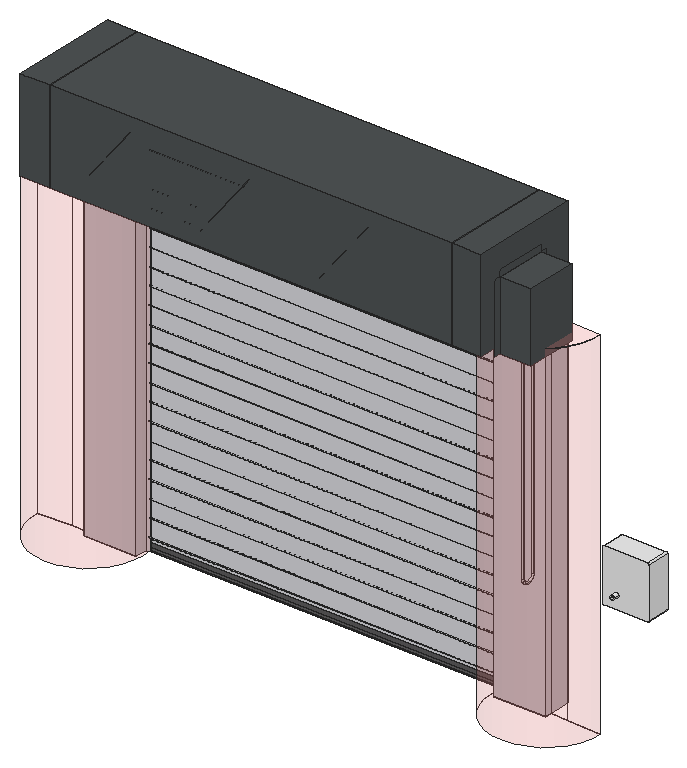
Revit family "RapidShield-High-Speed-Exterior-Metal-Door_OHD_Model-998_compact", category Specialty Equipment, host Wall, Revit 2023 (continued)
Definition of nested family "Lifts"
  Definition of nested family "General Motor"
    Forms (in)
      Extrusion 7, solid, material <- "Shaft Material"
        sketch origin (0, 0, -153.29) x (0, 0, -1) y (0, -1, 0)
          loop
            line (-149.944, -0.25) -> (-156.636, -0.25) -> (-156.636, -9.069) -> (-149.944, -9.069) -> (-149.944, -0.25)
        from -1.97 to 1.97
      Extrusion 8, solid, material <- "Shaft Material"
        sketch origin (6.36891, 0, -153.29) x (0, 0, -1) y (0, -1, 0)
          loop
            line (-133.979, -10.6) -> (-133.979, -5.4) -> (-136.125, -5.4)
            arc (-136.125, -5.4) -> (-138.725, -8) -> (-136.125, -10.6) r 2.6
            line (-136.125, -10.6) -> (-133.979, -10.6)
        from 2.565 to 3.79891
      Extrusion 9, solid, material <- "Shaft Material"
        sketch origin (0, 0, -153.29) x (0, 0, -1) y (0, -1, 0)
          loop
            circle (-136.09491, -8.066) r 1.34
        from -2.57 to 2.565
      Sweep 10, solid, material <- "Shaft Material"
        path origin (6.36891, 0, -153.29) x (0, 0, -1) y (0, -1, 0)
          loop
            line (-133.979, -10.4375) -> (-62.909, -10.4375)
            arc (-62.909, -10.4375) -> (-60.4715, -8) -> (-62.909, -5.5625) r 2.4375
            line (-62.909, -5.5625) -> (-133.979, -5.5625)
        profile origin (6.36891, 10.4375, -54.846) x (-1, 0, 0) y (0, -1, 0)
          loop
            circle (3.18196, 0.2675) r 0.2675
      Extrusion 11, solid, material <- "Hood Material", visible <- "Motor Cover"
        sketch origin (5.729, 1.755, 48) x (0, -1, 0) y (0, 0, 1)
          loop
            line (-14.945, -42.199) -> (-14.945, -65.199) -> (2.255, -65.199) -> (2.255, -42.199) -> (-14.945, -42.199)
        from 10.34 to 0
      Extrusion 12, void
        sketch origin (5.729, 1.755, 48) x (0, -1, 0) y (0, 0, 1)
          loop
            line (-2.645, -65.432) -> (-2.645, -44.63) -> (-9.977, -44.63) -> (-9.977, -65.432) -> (-2.645, -65.432)
        from 1.92509 to 8.35492
      Extrusion 13, solid, material <- "Hood Material", visible <- "Motor Cover"
        sketch origin (5.729, 1.755, 48) x (0, -1, 0) y (0, 0, 1)
          loop
            line (2.255, -42.199) -> (2.255, -40.199) -> (-14.945, -40.199) -> (-14.945, -42.199) -> (-16.945, -42.199) -> (-16.945, -65.199) -> (4.255, -65.199) -> (4.255, -42.199) -> (2.255, -42.199)
        from 0 to 0.06
    Cuts and joins
      Extrusion 4 cuts Extrusion 3
      Extrusion 6 cuts Extrusion 5
      Extrusion 12 cuts Extrusion 11
      joined: Extrusion 11, Extrusion 13
    Lines and regions (in)
      Masking region 1, visible <- "Motor Cover Off"
        outline origin (0, 0, 0) x (1, 0, 0) y (0, 1, 0)
          loop
            line (-2.5, 13.875) -> (-2.5, 9.406) -> (-2.565, 9.406) -> (-2.565, 6.726) -> (-2.22576, 6.726)
            arc (-2.22576, 6.726) -> (-2.10532, 6.54376) -> (-1.97, 6.37228) r 2.598
            line (-1.97, 6.37228) -> (-1.97, 4.90043) -> (-2.5, 4.90043) -> (-2.5, 1.18157) -> (-1.97, 1.18157) -> (-1.97, 0.25881) -> (1.97, 0.25881) -> (1.97, 1.18157) -> (2.5, 1.18157) -> (2.5, 4.90043) -> (1.97, 4.90043) -> (1.97, 6.37228)
            arc (1.97, 6.37228) -> (2.10532, 6.54376) -> (2.22576, 6.726) r 2.598
            line (2.22576, 6.726) -> (2.565, 6.726) -> (2.565, 5.4) -> (3.79891, 5.4) -> (3.79891, 10.6) -> (2.565, 10.6) -> (2.565, 9.406) -> (2.5, 9.406) -> (2.5, 13.875) -> (-2.5, 13.875)
          loop
            line (5.479, 3.496) -> (5.479, 1.82199) -> (4.57141, 0.25) -> (-1.14825, 0.25) -> (-1.14825, 0) -> (4.71575, 0) -> (5.729, 1.755) -> (5.729, 3.496) -> (5.479, 3.496)
      Masking region 2, visible <- "Motor Cover Off"
        outline origin (0, 0, 0) x (1, 0, 0) y (0, 1, 0)
          loop
            circle (0, 8.066) r 2.598
          loop
            line (-2.5, 4.90043) -> (-2.5, 4.51043) -> (-1.97, 4.51043) -> (-1.97, 4.90043) -> (-2.5, 4.90043)
          loop
            line (-2.5, 1.57157) -> (-2.5, 1.18157) -> (-1.97, 1.18157) -> (-1.97, 1.57157) -> (-2.5, 1.57157)
          loop
            line (1.97, 1.57157) -> (1.97, 1.18157) -> (2.5, 1.18157) -> (2.5, 1.57157) -> (1.97, 1.57157)
          loop
            line (1.97, 4.90043) -> (1.97, 4.51043) -> (2.5, 4.51043) -> (2.5, 4.90043) -> (1.97, 4.90043)
      Masking region 3, visible <- "Motor Cover"
        outline origin (0, 0, 0) x (1, 0, 0) y (0, 1, 0)
          loop
            line (5.729, 18.7) -> (5.669, 18.7) -> (5.669, 16.7) -> (-4.611, 16.7) -> (-4.611, -0.5) -> (5.669, -0.5) -> (5.669, -2.5) -> (5.729, -2.5) -> (5.729, 18.7)
      symbolic lines, visible <- "Motor Cover Off"
        curve 1: line (-1.97, 6.37228, 0) -> (-1.97, 0.626, 0)
        curve 2: line (1.97, 6.37228, 0) -> (1.97, 0.626, 0)
        curve 3: line (2.5, 13.875, 0) -> (2.5, 8.77283, 0)
        curve 4: line (2.57, 7.6856, 0) -> (2.57, 5.4, 0)
        curve 5: line (2.565, 9.406, 0) -> (2.565, 8.47877, 0)
        curve 6: line (-2.5, 9.406, 0) -> (-2.5, 8.77283, 0)
      symbolic lines, visible <- "Motor Cover"
        curve 7: line (5.669, -2.5, 0) -> (5.669, 18.7, 0)
    Dimensions and locks (in)
      locked: plane 4 to plane 5 at 23.881
      locked: Extrusion 7 sketch curve to Extrusion 7 sketch curve at 8.819
      locked: Extrusion 8 sketch curve to plane 6 at 2.146
      "Chain Length": plane 7 to plane 8
      locked: level to plane 7 at 19.311
      locked: plane 3 "Center (Left/Right)" to plane 9 at 5.729
      equal spacing: Extrusion 11 sketch curve, plane 10, Extrusion 11 sketch curve
      locked: Extrusion 11 sketch curve to Extrusion 11 sketch curve at 17.2
      locked: Extrusion 11 sketch curve to plane 1 "Center (Front/Back)" at 0.5
      locked: plane 1 "Center (Front/Back)" to Extrusion 12 sketch curve at 4.4
      locked: plane 1 "Center (Front/Back)" to Extrusion 12 sketch curve at 11.732
      locked: Extrusion 12 sketch curve to level at 3.37
      locked: level to Extrusion 12 sketch curve at 17.432
      locked: Extrusion 13 sketch curve to level at 7.801
      locked: Extrusion 13 sketch curve to plane 1 "Center (Front/Back)" at 2.5
      locked: plane 1 "Center (Front/Back)" to Extrusion 13 sketch curve at 18.7
      locked: Extrusion 13 sketch curve to level at 5.801
      locked: level to Extrusion 13 sketch curve at 17.199
      locked: Extrusion 11 sketch curve to Extrusion 11 sketch curve at 23
      aligned and locked: plane 2 to level
      aligned and locked: Revolve 1 sketch curve to plane 4
      aligned and locked: plane 5 to Revolve 1 sketch curve
      aligned and locked: plane 4 to Revolve 1 sketch curve
      aligned and locked: Revolve 1 sketch curve to Revolve 1 sketch curve
      aligned and locked: plane 7 to Sweep 10 sketch curve  (x2)
      aligned and locked: plane 8 to Sweep 10 sketch curve  (x2)
      aligned and locked: Extrusion 11 to plane 9
      aligned and locked: Extrusion 13 sketch curve to Extrusion 13 sketch curve
      aligned and locked: cut or joined group of Extrusion 11, Extrusion 12, Extrusion 13 to Extrusion 13 sketch curve
      aligned and locked: Extrusion 13 sketch curve to cut or joined group of Extrusion 11, Extrusion 12, Extrusion 13
    Automatic sketch dimensions
      Revolve 1 sketch curve to plane 5 = 0' - 0"
      Revolve 1 sketch curve to plane 4 = 0' - 1.965"
      Revolve 1 sketch curve to level = 0' - 4.941"
      Revolve 1 sketch curve to Revolve 1 sketch curve = 0' - 0.256"
      Revolve 1 sketch curve to Revolve 1 sketch curve = 0' - 1.142"
      Revolve 1 sketch curve to Revolve 1 sketch curve = 0' - 4.843"
      Revolve 1 sketch curve to Revolve 1 sketch curve = 0' - 1.339"
      Revolve 1 sketch curve to Revolve 1 sketch curve = 0' - 2.48"
      plane 5 to Revolve 1 sketch curve = 0' - 1.347"
      Revolve 1 sketch curve to plane 1 "Center (Front/Back)" = 0' - 8.066"
      Revolve 1 sketch curve to Revolve 1 sketch curve = 0' - 1.07288"
      Revolve 1 sketch curve to Revolve 1 sketch curve = 0' - 0.62812"
      Revolve 1 sketch curve to Revolve 1 sketch curve = 0' - 0.651"
      Revolve 1 sketch curve to plane 1 "Center (Front/Back)" = 0' - 5.704"
      Revolve 1 sketch curve to Revolve 1 sketch curve = 0' - 0.128"
      Revolve 1 sketch curve to Revolve 1 sketch curve = 0' - 0.067"
      Revolve 1 sketch curve to Revolve 1 sketch curve = 0' - 2.598"
      Extrusion 2 sketch curve to level = 0' - 6.339"
      Extrusion 2 sketch curve to Extrusion 2 sketch curve = 0' - 4.843"
      Extrusion 2 sketch curve to plane 1 "Center (Front/Back)" = 1' - 1 7/8"
      Extrusion 2 sketch curve to Extrusion 2 sketch curve = 0' - 6"
      plane 1 "Center (Front/Back)" to Extrusion 3 sketch curve = 0' - 0"
      Extrusion 3 sketch curve to plane 1 "Center (Front/Back)" = 0' - 1.755"
      plane 3 "Center (Left/Right)" to Extrusion 3 sketch curve = 0' - 5.729"
      Extrusion 3 sketch curve to Extrusion 3 sketch curve = 0' - 0 1/4"  (x2)
      Extrusion 3 sketch curve to Extrusion 3 sketch curve = 0' - 0.76325"
      Extrusion 3 sketch curve to Extrusion 3 sketch curve = 0' - 0.14434"
      Extrusion 3 sketch curve to plane 3 "Center (Left/Right)" = 0' - 1.14825"
      Extrusion 3 sketch curve to Extrusion 3 sketch curve = 0' - 0.06699"
      Extrusion 3 sketch curve to Extrusion 3 sketch curve = 0' - 1.67401"
      Extrusion 4 sketch curve to plane 3 "Center (Left/Right)" = 0' - 3.771"
      Extrusion 4 sketch curve to plane 3 "Center (Left/Right)" = 0' - 1.14825"  (x2)
      plane 3 "Center (Left/Right)" to Extrusion 4 sketch curve = 0' - 0.58575"
      Extrusion 4 sketch curve to Extrusion 4 sketch curve = 0' - 1.95325"  (x2)
      Extrusion 4 sketch curve to Extrusion 4 sketch curve = 0' - 3.19"  (x2)
      Extrusion 4 sketch curve to level = 0' - 5.9755"
      Extrusion 4 sketch curve to Extrusion 4 sketch curve = 0' - 1.4155"
      Extrusion 4 sketch curve to Extrusion 4 sketch curve = 0' - 2 1/4"  (x2)
      Extrusion 4 sketch curve to Extrusion 4 sketch curve = 0' - 1 1/4"  (x2)
      level to Extrusion 4 sketch curve = 0' - 3.31"
      level to Extrusion 4 sketch curve = 0' - 3.7255"
      Extrusion 5 sketch curve to level = 0' - 3.17729"
      Extrusion 5 sketch curve to Extrusion 5 sketch curve = 0' - 1.27271"  (x2)
      Extrusion 5 sketch curve to plane 1 "Center (Front/Back)" = 0' - 1.18157"
      Extrusion 5 sketch curve to Extrusion 5 sketch curve = 0' - 0.325"  (x2)
      Extrusion 5 sketch curve to plane 1 "Center (Front/Back)" = 0' - 1.441"
      Extrusion 5 sketch curve to Extrusion 5 sketch curve = 0' - 4.99"
      Extrusion 5 sketch curve to Extrusion 5 sketch curve = 0' - 0.39"  (x2)
      Extrusion 5 sketch curve to Extrusion 5 sketch curve = 0' - 2.93885"
      Extrusion 5 sketch curve to Extrusion 5 sketch curve = 0' - 3.2"
      Extrusion 6 sketch curve to plane 3 "Center (Left/Right)" = 0' - 4 1/2"
      Extrusion 6 sketch curve to Extrusion 6 sketch curve = 0' - 2"
      Extrusion 6 sketch curve to plane 3 "Center (Left/Right)" = 0' - 2.06343"
      plane 3 "Center (Left/Right)" to Extrusion 6 sketch curve = 0' - 2.06343"
      plane 3 "Center (Left/Right)" to Extrusion 6 sketch curve = 0' - 2 1/2"
      Extrusion 6 sketch curve to Extrusion 6 sketch curve = 0' - 2.43657"
      Extrusion 6 sketch curve to level = 0' - 10.775"
      Extrusion 6 sketch curve to Extrusion 6 sketch curve = 0' - 1.01"
      Extrusion 6 sketch curve to level = 0' - 4.775"  (x2)
      Extrusion 7 sketch curve to plane 1 "Center (Front/Back)" = 0' - 0 1/4"
      level to Extrusion 7 sketch curve = 0' - 3.346"
      Extrusion 7 sketch curve to level = 0' - 3.346"
      Extrusion 8 sketch curve to plane 6 = 0' - 0"
      Extrusion 8 sketch curve to plane 1 "Center (Front/Back)" = 0' - 10.6"
      Extrusion 8 sketch curve to Extrusion 8 sketch curve = 0' - 2.6"
      Extrusion 9 sketch curve to plane 1 "Center (Front/Back)" = 0' - 8.066"
      Extrusion 9 sketch curve to level = 1' - 5.19509"
      Sweep 10 sketch curve to profile plane = 0' - 0.2675"
      profile plane to Sweep 10 sketch curve = 0' - 3.18196"
      Masking region 2 sketch curve to plane 3 "Center (Left/Right)" = 0' - 0"
      Masking region 2 sketch curve to plane 3 "Center (Left/Right)" = 0' - 1.97"  (x2)
      Masking region 2 sketch curve to Masking region 2 sketch curve = 0' - 0.53"  (x4)
      plane 3 "Center (Left/Right)" to Masking region 2 sketch curve = 0' - 1.97"  (x2)
      Masking region 2 sketch curve to plane 1 "Center (Front/Back)" = 0' - 1.18157"  (x2)
      Masking region 2 sketch curve to Masking region 2 sketch curve = 0' - 0.39"  (x4)
      Masking region 2 sketch curve to Masking region 2 sketch curve = 0' - 2.93885"  (x2)
      Masking region 2 sketch curve to Masking region 2 sketch curve = 0' - 3.16557"
      Masking region 1 sketch curve to Masking region 1 sketch curve = 0' - 0"  (x2)
      plane 1 "Center (Front/Back)" to Masking region 1 sketch curve = 0' - 0"
      Masking region 1 sketch curve to plane 3 "Center (Left/Right)" = 0' - 0"
      Masking region 1 sketch curve to plane 1 "Center (Front/Back)" = 0' - 0 1/4"
      Masking region 1 sketch curve to plane 3 "Center (Left/Right)" = 0' - 1.14825"
      Masking region 1 sketch curve to plane 3 "Center (Left/Right)" = 0' - 1.97"
      Masking region 1 sketch curve to Masking region 1 sketch curve = 0' - 0.82175"
      Masking region 1 sketch curve to Masking region 1 sketch curve = 0' - 0.25576"  (x2)
      Masking region 1 sketch curve to Masking region 1 sketch curve = 0' - 0.53"  (x2)
      Masking region 1 sketch curve to plane 3 "Center (Left/Right)" = 0' - 2 1/2"
      plane 3 "Center (Left/Right)" to Masking region 1 sketch curve = 0' - 1.97"  (x2)
      plane 3 "Center (Left/Right)" to Masking region 1 sketch curve = 0' - 2 1/2"
      Masking region 1 sketch curve to Masking region 1 sketch curve = 0' - 0.33924"  (x2)
      Masking region 1 sketch curve to Masking region 1 sketch curve = 0' - 0.065"
      Masking region 1 sketch curve to Masking region 1 sketch curve = 0' - 1.23391"
      Masking region 1 sketch curve to Masking region 1 sketch curve = 0' - 2.07141"
      Masking region 1 sketch curve to Masking region 1 sketch curve = 0' - 0.14434"
      Masking region 1 sketch curve to Masking region 1 sketch curve = 0' - 1.68009"
      Masking region 1 sketch curve to Masking region 1 sketch curve = 0' - 0 1/4"
      Masking region 1 sketch curve to plane 1 "Center (Front/Back)" = 0' - 0.25881"
      Masking region 1 sketch curve to Masking region 1 sketch curve = 0' - 0.92276"  (x2)
      Masking region 1 sketch curve to plane 1 "Center (Front/Back)" = 0' - 1.755"
      Masking region 1 sketch curve to Masking region 1 sketch curve = 0' - 0.06699"
      Masking region 1 sketch curve to Masking region 1 sketch curve = 0' - 1.67401"
      Masking region 1 sketch curve to Masking region 1 sketch curve = 0' - 3.71885"  (x2)
      Masking region 1 sketch curve to Masking region 1 sketch curve = 0' - 0.49957"
      Masking region 1 sketch curve to Masking region 1 sketch curve = 0' - 0.97228"
      Masking region 1 sketch curve to Masking region 1 sketch curve = 0' - 1.47185"
      Masking region 1 sketch curve to Masking region 1 sketch curve = 0' - 0.35372"
      Masking region 1 sketch curve to Masking region 1 sketch curve = 0' - 2.68"  (x2)
      Masking region 1 sketch curve to Masking region 1 sketch curve = 0' - 1.194"
      Masking region 1 sketch curve to Masking region 1 sketch curve = 0' - 4.469"
      Masking region 3 sketch curve to plane 9 = 0' - 0"
      plane 9 to Masking region 3 sketch curve = 0' - 0.06"  (x2)
      Masking region 3 sketch curve to plane 3 "Center (Left/Right)" = 0' - 4.611"
      plane 1 "Center (Front/Back)" to Masking region 3 sketch curve = 0' - 2 1/2"
      plane 1 "Center (Front/Back)" to Masking region 3 sketch curve = 0' - 0 1/2"
      Masking region 3 sketch curve to plane 1 "Center (Front/Back)" = 1' - 4.7"
      Masking region 3 sketch curve to Masking region 3 sketch curve = 0' - 2"
      curve 6 to plane 3 "Center (Left/Right)" = 0' - 2 1/2"
      plane 9 to curve 7 = 0' - 0.06"
      plane 1 "Center (Front/Back)" to curve 7 = 0' - 2 1/2"
      curve 1 to plane 1 "Center (Front/Back)" = 0' - 0.626"
      curve 1 to plane 3 "Center (Left/Right)" = 0' - 1.97"
      curve 2 to plane 1 "Center (Front/Back)" = 0' - 0.626"
      plane 3 "Center (Left/Right)" to curve 2 = 0' - 1.97"
      curve 2 to curve 3 = 0' - 0.53"
      curve 3 to curve 5 = 0' - 0.065"
      curve 5 to curve 4 = 0' - 0.005"
      curve 2 to curve 4 = 0' - 4.774"
      curve 4 to curve 2 = 0' - 0.97228"
      curve 1 to curve 2 = 0' - 0"
      curve 2 to curve 4 = 0' - 1.31333"
      curve 4 to curve 5 = 0' - 0.79317"
      curve 1 to curve 6 = 0' - 2.40055"
      curve 5 to curve 3 = 0' - 0.29406"
      curve 6 to curve 6 = 0' - 0.63317"
      curve 3 to curve 5 = 0' - 0.63317"
      curve 5 to curve 3 = 0' - 4.469"
      curve 3 to curve 7 = 0' - 4.825"
      Sweep 10 sketch curve to plane 1 "Center (Front/Back)" = 0' - 10 7/16"
      Sweep 10 sketch curve to Sweep 10 sketch curve = 0' - 2 7/16"
      radius of Extrusion 9 sketch curve = 0' - 1.34"
      radius of Sweep 10 sketch curve = 0' - 0.2675"
      radius of Masking region 2 sketch curve = 0' - 2.598"
Definition of nested family "Slat"
  Parameters (values of type "Slat")
    Standard Slat Material = none
    Standard Slat Bottom Rail [instance] = if(and(Bottom Rail, Standard Slat), 1 < 2, 1 > 2)  # no
    Standard Slat [instance] = if(or(Slat Option < 1, Slat Option = 1), 1 < 2, 1 > 2)  # yes
    Slat Thickness = 0' - 1.18227"
    Slat Option [instance] = 1
    Slat Height = 0' - 5 13/16"
    Polycarbonated Slat Material = none
    Polycarbonate Slat Bottom Rail [instance] = if(and(Bottom Rail, Polycarbonate Slat), 1 < 2, 1 > 2)  # no
    Polycarbonate Slat [instance] = if(or(Slat Option > 3, Slat Option = 3), 1 < 2, 1 > 2)  # no
    Perforated Slat Material = none
    Perforated Slat Length = (Door Width / 40) * 37  # 9' - 3"
    Perforated Slat Bottom Rail [instance] = if(and(Bottom Rail, Perforated Slat), 1 < 2, 1 > 2)  # no
    Perforated Slat [instance] = if(Slat Option = 2, 1 < 2, 1 > 2)  # no
    Door Width = 10' - 0"
    Default Elevation = 4' - 0"
    Bottom Rail [instance] = no
  Reference planes (in)
    plane 1 "Center (Front/Back)": y = 0
    plane 2: z = 0
    plane 3 "Center (Left/Right)": x = 0
    plane 4: x = -60
    plane 5: x = 60
    plane 6: z = 5.8125
    plane 7: y = -0.59114
    plane 8: y = 0.59114
    plane 9: y = -0.32455
    plane 10: y = -0.32455
    plane 11: y = -0.32455
  Forms (in)
    Extrusion 1, solid, material <- "Standard Slat Material", visible <- "Standard Slat"
      sketch origin (0, 0, 0) x (0, 1, 0) y (0, 0, 1)
        loop
          line (0.02508, 0) -> (0.59114, 0) -> (0.59114, 5.8125) -> (0.02508, 5.8125) -> (-0.59114, 5.19629) -> (-0.59114, 0.61621) -> (0.02508, 0)
      from -60 to 60
    Extrusion 2, solid, material <- "Standard Slat Material", visible <- "Standard Slat"
      sketch origin (0, 0, 0) x (0, 1, 0) y (0, 0, 1)
        loop
          line (-0.67418, 5.8125) -> (-0.67418, 0)
          arc (-0.67418, 0) -> (-0.32455, -0.34963) -> (0.02508, 0) r 0.34963
          line (0.02508, 0) -> (-0.59114, 0.61621) -> (-0.59114, 5.19629) -> (0.02508, 5.8125)
          arc (0.02508, 5.8125) -> (-0.32455, 6.16213) -> (-0.67418, 5.8125) r 0.34963
      from -60 to 60
    Extrusion 3, solid, material <- "Standard Slat Material", visible <- "Perforated Slat"
      sketch origin (0, 0, 0) x (0, 1, 0) y (0, 0, 1)
        loop
          line (0.02508, 0) -> (0.59114, 0) -> (0.59114, 5.8125) -> (0.02508, 5.8125) -> (-0.59114, 5.19629) -> (-0.59114, 0.61621) -> (0.02508, 0)
      from -60 to 60
    Extrusion 4, solid, material <- "Standard Slat Material", visible <- "Perforated Slat"
      sketch origin (0, 0, 0) x (0, 1, 0) y (0, 0, 1)
        loop
          line (-0.67418, 5.8125) -> (-0.67418, 0)
          arc (-0.67418, 0) -> (-0.32455, -0.34963) -> (0.02508, 0) r 0.34963
          line (0.02508, 0) -> (-0.59114, 0.61621) -> (-0.59114, 5.19629) -> (0.02508, 5.8125)
          arc (0.02508, 5.8125) -> (-0.32455, 6.16213) -> (-0.67418, 5.8125) r 0.34963
      from -60 to 60
    Extrusion 5, solid, material <- "Standard Slat Material", visible <- "Polycarbonate Slat"
      sketch origin (0, 0, 0) x (0, 1, 0) y (0, 0, 1)
        loop
          line (0.02508, 0) -> (0.59114, 0) -> (0.59114, 5.8125) -> (0.02508, 5.8125) -> (-0.59114, 5.19629) -> (-0.59114, 0.61621) -> (0.02508, 0)
      from -60 to 60
    Extrusion 6, solid, material <- "Standard Slat Material", visible <- "Polycarbonate Slat"
      sketch origin (0, 0, 0) x (0, 1, 0) y (0, 0, 1)
        loop
          line (-0.67418, 5.8125) -> (-0.67418, 0)
          arc (-0.67418, 0) -> (-0.32455, -0.34963) -> (0.02508, 0) r 0.34963
          line (0.02508, 0) -> (-0.59114, 0.61621) -> (-0.59114, 5.19629) -> (0.02508, 5.8125)
          arc (0.02508, 5.8125) -> (-0.32455, 6.16213) -> (-0.67418, 5.8125) r 0.34963
      from -60 to 60
    Extrusion 7, solid, material <- "Standard Slat Material", visible <- "Standard Slat Bottom Rail"
      sketch origin (0, 0, 0) x (0, 1, 0) y (0, 0, 1)
        loop
          line (-0.59114, -0.22622) -> (-0.59114, -1.0625) -> (0.59114, -1.0625) -> (0.59114, 0) -> (0.02508, 0)
          arc (0.02508, 0) -> (-0.20406, -0.32821) -> (-0.59114, -0.22622) r 0.34963
      from -60 to 60
    Extrusion 8, solid, material <- "Perforated Slat Material", visible <- "Perforated Slat Bottom Rail"
      sketch origin (0, 0, 0) x (0, 1, 0) y (0, 0, 1)
        loop
          line (-0.59114, -0.22622) -> (-0.59114, -1.0625) -> (0.59114, -1.0625) -> (0.59114, 0) -> (0.02508, 0)
          arc (0.02508, 0) -> (-0.20406, -0.32821) -> (-0.59114, -0.22622) r 0.34963
      from -60 to 60
    Extrusion 9, solid, material <- "Polycarbonated Slat Material", visible <- "Polycarbonate Slat Bottom Rail"
      sketch origin (0, 0, 0) x (0, 1, 0) y (0, 0, 1)
        loop
          line (-0.59114, -0.22622) -> (-0.59114, -1.0625) -> (0.59114, -1.0625) -> (0.59114, 0) -> (0.02508, 0)
          arc (0.02508, 0) -> (-0.20406, -0.32821) -> (-0.59114, -0.22622) r 0.34963
      from -60 to 60
    Extrusion 10, void
      sketch origin (0, 0, 0) x (1, 0, 0) y (0, 0, 1)
        loop
          line (-55.5, 5.19629) -> (-55.5, 0.61621) -> (55.5, 0.61621) -> (55.5, 5.19629) -> (-55.5, 5.19629)
      from -3.39847 to 3.48063
    Extrusion 11, solid, material <- "Perforated Slat Material", visible <- "Perforated Slat"
      sketch origin (0, 0, 0) x (1, 0, 0) y (0, 0, 1)
        loop
          line (-55.5, 5.19629) -> (-55.5, 0.61621) -> (55.5, 0.61621) -> (55.5, 5.19629) -> (-55.5, 5.19629)
      from -0.59114 to 0.67418
    Extrusion 12, void
      sketch origin (0, 0, 0) x (1, 0, 0) y (0, 0, 1)
        loop
          line (-59, 0.61621) -> (59, 0.61621) -> (59, 5.19629) -> (-59, 5.19629) -> (-59, 0.61621)
      from -9.08759 to 12
    Extrusion 13, solid, material <- "Polycarbonated Slat Material", visible <- "Polycarbonate Slat"
      sketch origin (0, 0, 0) x (1, 0, 0) y (0, 0, 1)
        loop
          line (-59, 5.19629) -> (-59, 0.61621) -> (59, 0.61621) -> (59, 5.19629) -> (-59, 5.19629)
      from -0.59114 to 0.67418
  Cuts and joins
    Extrusion 10 cuts Extrusion 4
    Extrusion 10 cuts Extrusion 3
    Extrusion 12 cuts Extrusion 6
    Extrusion 12 cuts Extrusion 5
  Lines and regions (in)
    model lines
      curve 1: line (-60, -0.67418, 5.8125) -> (60, -0.67418, 5.8125)
  Dimensions and locks (in)
    equal spacing: plane 4, plane 3 "Center (Left/Right)", plane 5
    "Door Width": plane 4 to plane 5
    "Slat Height": plane 6 to level
    equal spacing: plane 7, plane 1 "Center (Front/Back)", plane 8
    "Slat Thickness": plane 7 to plane 8
    locked: Extrusion 1 sketch curve to Extrusion 1 sketch curve at 0.56606
    locked: plane 9 to plane 8 at 0.91569
    locked: Extrusion 3 sketch curve to Extrusion 3 sketch curve at 0.56606
    locked: Extrusion 5 sketch curve to Extrusion 5 sketch curve at 0.56606
    locked: level to Extrusion 7 sketch curve at 1.0625
    "Perforated Slat Length": Extrusion 10 sketch curve to Extrusion 10 sketch curve
    equal spacing: Extrusion 10 sketch curve, plane 3 "Center (Left/Right)", Extrusion 10 sketch curve
    equal spacing: Extrusion 11 sketch curve, plane 3 "Center (Left/Right)", Extrusion 11 sketch curve
    "Perforated Slat Length": Extrusion 11 sketch curve to Extrusion 11 sketch curve
    locked: plane 5 to Extrusion 12 sketch curve at 1
    locked: plane 4 to Extrusion 12 sketch curve at 1
    locked: plane 5 to Extrusion 13 sketch curve at 1
    locked: plane 4 to Extrusion 13 sketch curve at 1
    locked: Extrusion 1 sketch curve to Extrusion 1 sketch curve (angle 135.00°)
    locked: Extrusion 1 sketch curve to plane 6 (angle 135.00°)
    locked: Extrusion 3 sketch curve to Extrusion 3 sketch curve (angle 135.00°)
    locked: Extrusion 5 sketch curve to Extrusion 5 sketch curve (angle 135.00°)
    aligned and locked: plane 2 to level
    aligned and locked: Extrusion 1 sketch curve to level
    aligned and locked: Extrusion 1 sketch curve to plane 8
    aligned and locked: Extrusion 1 sketch curve to plane 6
    aligned and locked: Extrusion 1 sketch curve to plane 7
    aligned and locked: plane 5 to Extrusion 1
    aligned and locked: plane 4 to Extrusion 1
    aligned and locked: plane 5 to Extrusion 2
    aligned and locked: plane 4 to Extrusion 2
    aligned and locked: plane 5 to curve 1
    aligned and locked: plane 4 to curve 1
    aligned and locked: plane 5 to Extrusion 6
    aligned and locked: plane 5 to Extrusion 5
    aligned and locked: plane 5 to Extrusion 4
    aligned and locked: plane 5 to Extrusion 3
    aligned and locked: plane 4 to Extrusion 6
    aligned and locked: plane 4 to Extrusion 5
    aligned and locked: plane 4 to Extrusion 4
    aligned and locked: plane 4 to Extrusion 3
    aligned and locked: Extrusion 7 sketch curve to level
    aligned and locked: plane 5 to Extrusion 9
    aligned and locked: plane 5 to Extrusion 8
    aligned and locked: plane 5 to Extrusion 7
    aligned and locked: plane 4 to Extrusion 9
    aligned and locked: plane 4 to Extrusion 8
    aligned and locked: plane 4 to Extrusion 7
  Automatic sketch dimensions
    Extrusion 1 sketch curve to plane 1 "Center (Front/Back)" = 0' - 0.02508"
    Extrusion 2 sketch curve to plane 6 = 0' - 0"
    Extrusion 2 sketch curve to level = 0' - 0"
    Extrusion 2 sketch curve to plane 7 = 0' - 0"
    Extrusion 2 sketch curve to plane 9 = 0' - 0"  (x2)
    plane 7 to Extrusion 2 sketch curve = 0' - 0.08305"
    level to Extrusion 2 sketch curve = 0' - 0.61621"
    Extrusion 2 sketch curve to plane 6 = 0' - 0.61621"
    curve 1 to Extrusion 2 = 0' - 0"
    Extrusion 3 sketch curve to plane 7 = 0' - 0"
    Extrusion 3 sketch curve to plane 6 = 0' - 0"
    Extrusion 3 sketch curve to level = 0' - 0"
    Extrusion 3 sketch curve to plane 8 = 0' - 0"
    Extrusion 3 sketch curve to plane 1 "Center (Front/Back)" = 0' - 0.02508"
    Extrusion 3 sketch curve to plane 6 = 0' - 0.61621"
    Extrusion 4 sketch curve to plane 6 = 0' - 0"
    Extrusion 4 sketch curve to level = 0' - 0"
    Extrusion 4 sketch curve to plane 7 = 0' - 0"
    Extrusion 4 sketch curve to plane 10 = 0' - 0"  (x2)
    plane 7 to Extrusion 4 sketch curve = 0' - 0.08305"
    level to Extrusion 4 sketch curve = 0' - 0.61621"
    Extrusion 4 sketch curve to plane 6 = 0' - 0.61621"
    Extrusion 5 sketch curve to plane 7 = 0' - 0"
    Extrusion 5 sketch curve to plane 6 = 0' - 0"
    Extrusion 5 sketch curve to level = 0' - 0"
    Extrusion 5 sketch curve to plane 8 = 0' - 0"
    Extrusion 5 sketch curve to plane 1 "Center (Front/Back)" = 0' - 0.02508"
    Extrusion 5 sketch curve to plane 6 = 0' - 0.61621"
    Extrusion 6 sketch curve to plane 6 = 0' - 0"
    Extrusion 6 sketch curve to level = 0' - 0"
    Extrusion 6 sketch curve to plane 7 = 0' - 0"
    Extrusion 6 sketch curve to plane 11 = 0' - 0"  (x2)
    plane 7 to Extrusion 6 sketch curve = 0' - 0.08305"
    level to Extrusion 6 sketch curve = 0' - 0.61621"
    Extrusion 6 sketch curve to plane 6 = 0' - 0.61621"
    Extrusion 7 sketch curve to plane 7 = 0' - 0"
    Extrusion 7 sketch curve to plane 8 = 0' - 0"
    plane 1 "Center (Front/Back)" to Extrusion 7 sketch curve = 0' - 0.32455"
    Extrusion 7 sketch curve to plane 1 "Center (Front/Back)" = 0' - 0.02508"
    Extrusion 8 sketch curve to plane 7 = 0' - 0"
    Extrusion 8 sketch curve to level = 0' - 0"
    Extrusion 8 sketch curve to plane 8 = 0' - 0"
    plane 1 "Center (Front/Back)" to Extrusion 8 sketch curve = 0' - 0.32455"
    Extrusion 8 sketch curve to plane 1 "Center (Front/Back)" = 0' - 0.02508"
    Extrusion 8 sketch curve to level = 0' - 1 1/16"
    Extrusion 9 sketch curve to level = 0' - 0"
    Extrusion 9 sketch curve to level = 0' - 0.22622"
    plane 8 to Extrusion 9 sketch curve = 0' - 1.18227"
    Extrusion 9 sketch curve to Extrusion 9 sketch curve = 0' - 0.26658"
    Extrusion 9 sketch curve to Extrusion 9 sketch curve = 0' - 1.18227"
    Extrusion 9 sketch curve to level = 0' - 1 1/16"
    level to Extrusion 12 sketch curve = 0' - 0.61621"
    Extrusion 12 sketch curve to plane 6 = 0' - 0.61621"
    Extrusion 13 sketch curve to plane 6 = 0' - 0.61621"
    level to Extrusion 13 sketch curve = 0' - 0.61621"
    level to Extrusion 10 sketch curve = 0' - 0.61621"
    Extrusion 10 sketch curve to plane 6 = 0' - 0.61621"
    level to Extrusion 11 sketch curve = 0' - 0.61621"
    Extrusion 11 sketch curve to plane 6 = 0' - 0.61621"
Types (3): name | External Transformer | Voltage | Apparent Load Phase 3 | Apparent Load Phase 2 | Apparent Load Phase 1
  230 volts, three phase, 60 Hz (208-245V range) | no | 230 V | 2655.81 VA | 2655.81 VA | 2655.81 VA
  460 volts, three phase, 60 Hz (456-495V range) | no | 460 V | 5311.62 VA | 5311.62 VA | 5311.62 VA
  575 volts, three phase, 60 Hz | yes | 575 V | 6639.53 VA | 6639.53 VA | 6639.53 VA
